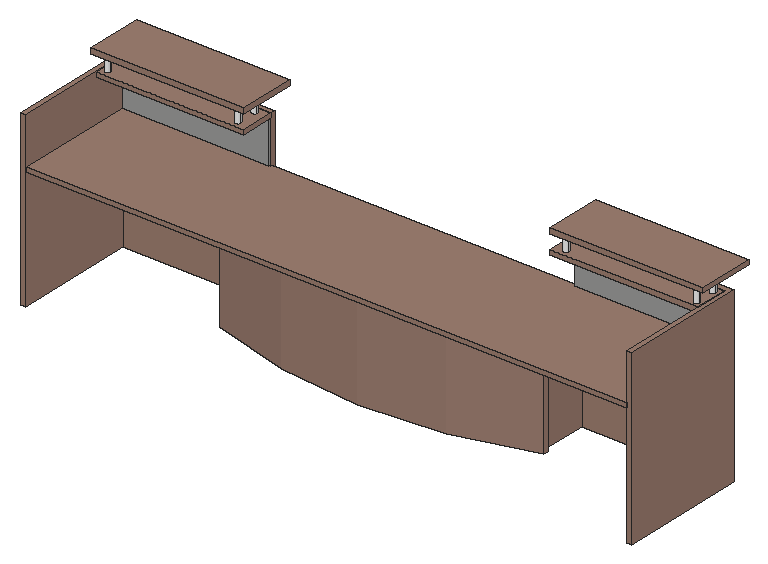
Revit family "T100258", category Furniture, Revit 2015
Parameters (values of type "T100258")
  URL = "https://ofs.com/"
  Model = "T100258"
  Manufacturer = "OFS"
  Description = "OFS TYPICAL T100258"
  Copyright © = "©OFS 2021"
  Catalog = "https://ofs.com/2020-experience"
  Authoring Version = "Autodesk Revit Architecture 2015"
  Assembly Code = "E2020400"
Reference planes (in)
  plane 1 "Center Front/Back": y = 0
  plane 2: z = 0
  plane 3 "Center Left/Right": x = 0
Dimensions and locks (in)
  aligned and locked: level to plane 2
Nested families (in)
  nested 1: "OFS ELEMENT DOUBLE DESK OPEN CENTER 144in" at (-36, 3, 0), type "ELEMENT DOUBLE DESK OPEN CENTER 144in Width"
    with Desk Overlay Option yes
  nested 2: "OFS ELEMENT INTERIOR TACKBOARD FOR DESK WITH TRANSACTION SHELF" at (0, 14.65625, 0), type "ELEMENT INTERIOR TACKBOARD FT1141"
Definition of nested family "OFS ELEMENT DOUBLE DESK OPEN CENTER 144in"
  Parameters (values of type "ELEMENT DOUBLE DESK OPEN CENTER 144in Width")
    Worksurface Material = none
    Width = 12' - 0"
    Half Width = 6' - 0"
    URL = "http://www.ofsbrands.com/"
    Transaction Shelf Material = none
    Table Supp from Lateral = 0' - 2 5/8"
    Table Supp from Center = 0' - 11 1/8"
    Table Depth = 1' - 1 1/2"
    Return Worksurface Width = 1' - 10"
    Paper Organizer Material = none
    Paper Organizer Depth = 1' - 0 3/4"
    Paper Organizer Clearance = 0' - 4 5/8"
    Paper Organizer Board Thickness = 0' - 0 3/4"
    Model = "EL-T72DC"
    Manufacturer = "OFS"
    Lateral Board Thickness = 0' - 1 3/16"
    Height = 3' - 9"
    Standoffs Material = none
    Groomet Material = none
    Desk Overlay Thickness = 0' - 0 1/8"
    Desk Overlay Option [instance] = yes
    Desk Overlay Material = none
    Desk Overlay = 0' - 6 1/2"
    Description = "OFS BRANDS OFS ELEMENT DOUBLE DESK OPEN CENTER 144\" Width, 2 X 72\"W x 34.3125\"D OPEN DESK:"
    Desk Depth = 2' - 10 5/16"
    Depth = 6' - 10 5/16"
    Copyright © = "© 2018 OFS BRANDS"
    Catalog = "http://ofs.com/products/casegoods/reception/element"
    Bottom Board Offset = 0' - 0"
    Chassis Material = none
    Base Depth = 2' - 6"
    Back Board Thickness = 0' - 1 3/16"
    Authoring Version = "Autodesk Revit Architecture 2013"
    Assembly Code = "E2020200"
  Reference planes (in)
    plane 1 "Center Front/Back": y = 0
    plane 2: z = 0
    plane 3 "Center Left/Right": x = 0
    plane 4 "Back External": y = 17.15625
    plane 5 "Right External": x = 36
    plane 6 "Front External": y = -17.15625
    plane 7 "Left External": x = -36
    plane 8 "Seat Height": z = 29.5
    plane 9 "Height": z = 45
    plane 10: x = 34.8125
    plane 11: x = -34.8125
    plane 12: y = 12.84375
    plane 13: y = 11.65625
    plane 14: y = 3.65625
    plane 15: z = 40.5
    plane 16: z = 28.5
    plane 17: z = 43.875
    plane 18: z = 39.375
    plane 19: z = 0
    plane 20: x = 33.375
    plane 21: x = 2.625
    plane 22: x = 29.5
    plane 23: z = 6.5
    plane 24: z = 34
    plane 25: y = 12.96875
    plane 26: x = 6.5
    plane 27: x = -34.0625
    plane 28: x = -22.0625
    plane 29: z = 34.125
    plane 30: z = 39.75
    plane 31: z = 34.875
    plane 32: x = 22.0625
    plane 33: x = -33.375
    plane 34: x = -2.625
    plane 35: x = -29.5
    plane 36: x = -6.5
    plane 37: y = 0
    plane 38: x = 72
    plane 39: y = 17.15625
    plane 40: x = 36
    plane 41: y = -17.15625
    plane 42: x = 108
    plane 43: x = 37.1875
    plane 44: x = 106.8125
    plane 45: y = 12.84375
    plane 46: y = 11.65625
    plane 47: y = 3.65625
    plane 48: x = 38.625
    plane 49: x = 69.375
    plane 50: x = 42.5
    plane 51: y = 12.96875
    plane 52: x = 65.5
    plane 53: x = 106.0625
    plane 54: x = 94.0625
    plane 55: x = 49.9375
    plane 56: x = 105.375
    plane 57: x = 74.625
    plane 58: x = 101.5
    plane 59: x = 78.5
  Forms (in)
    Extrusion 1, solid, material <- "Chassis Material"
      sketch origin (0, 0, 0) x (-1, 0, 0) y (0, -1, 0)
        loop
          line (36, -12.84375) -> (36, 17.15625) -> (34.8125, 17.15625) -> (34.8125, -11.65625) -> (0, -11.65625) -> (0, -12.84375) -> (36, -12.84375)
      from 0 to 40.5
    Extrusion 2, solid, material <- "Transaction Shelf Material"
      sketch origin (0, 0, 6) x (-1, 0, 0) y (0, -1, 0)
        loop
          line (0, -17.15625) -> (36, -17.15625) -> (36, -3.65625) -> (0, -3.65625) -> (0, -17.15625)
      from 37.875 to 39
    Extrusion 3, solid, material <- "Standoffs Material"
      sketch origin (-44.5, 0, 0) x (-1, 0, 0) y (0, -1, 0)
        loop
          circle (-41.875, -10.04085) r 0.625
      from 40.5 to 43.875
    Extrusion 4, solid, material <- "Standoffs Material"
      sketch origin (-44.5, -4.75, 0) x (-1, 0, 0) y (0, -1, 0)
        loop
          circle (-41.875, -10.04085) r 0.625
      from 40.5 to 43.875
    Extrusion 5, solid, material <- "Standoffs Material"
      sketch origin (-66.75, 0, 0) x (-1, 0, 0) y (0, -1, 0)
        loop
          circle (-33.375, -10.04085) r 0.625
      from 40.5 to 43.875
    Extrusion 6, solid, material <- "Standoffs Material"
      sketch origin (-66.75, -4.75, 0) x (-1, 0, 0) y (0, -1, 0)
        loop
          circle (-33.375, -10.04085) r 0.625
      from 40.5 to 43.875
    Extrusion 7, solid, material <- "Chassis Material"
      sketch origin (18.5848, -3.95032, 0) x (-1, 0, 0) y (0, -1, 0)
        loop
          line (19.7723, -15.60657) -> (19.7723, -3.95032) -> (18.5848, -3.95032) -> (18.5848, -15.60657) -> (19.7723, -15.60657)
      from 0 to 28.5
    Extrusion 8, solid, material <- "Chassis Material"
      sketch origin (0, 0, 6) x (-1, 0, 0) y (0, -1, 0)
        loop
          line (0, -11.65625) -> (34.8125, -11.65625) -> (34.8125, -3.65625) -> (0, -3.65625) -> (0, -11.65625)
      from 33.375 to 34.5
    Extrusion 9, solid, material <- "Desk Overlay Material", visible <- "Desk Overlay Option"
      sketch origin (0, 0, 0) x (-1, 0, 0) y (0, 0, -1)
        loop
          line (29.5, -34) -> (29.5, -6.5) -> (6.5, -6.5) -> (6.5, -34) -> (29.5, -34)
      from -12.96875 to -12.84375
    Extrusion 10, solid, material <- "Worksurface Material"
      sketch origin (72, 0, 0) x (1, 0, 0) y (0, 1, 0)
        loop
          line (-106.8125, 11.65625) -> (-106.8125, -17.15625) -> (34.8125, -17.15625) -> (34.8125, 11.65625) -> (-106.8125, 11.65625)
      from 28.5 to 29.5
    Extrusion 11, solid, material <- "Chassis Material"
      sketch origin (72, 0, 0) x (1, 0, 0) y (0, 1, 0)
        loop
          line (36, 12.84375) -> (0, 12.84375) -> (0, 11.65625) -> (34.8125, 11.65625) -> (34.8125, -17.15625) -> (36, -17.15625) -> (36, 12.84375)
      from 0 to 40.5
    Extrusion 12, solid, material <- "Transaction Shelf Material"
      sketch origin (72, 0, 6) x (1, 0, 0) y (0, 1, 0)
        loop
          line (0, 17.15625) -> (0, 3.65625) -> (36, 3.65625) -> (36, 17.15625) -> (0, 17.15625)
      from 37.875 to 39
    Extrusion 13, solid, material <- "Standoffs Material"
      sketch origin (116.5, 0, 0) x (1, 0, 0) y (0, 1, 0)
        loop
          circle (-41.875, 10.04085) r 0.625
      from 40.5 to 43.875
    Extrusion 14, solid, material <- "Standoffs Material"
      sketch origin (116.5, -4.75, 0) x (1, 0, 0) y (0, 1, 0)
        loop
          circle (-41.875, 10.04085) r 0.625
      from 40.5 to 43.875
    Extrusion 15, solid, material <- "Standoffs Material"
      sketch origin (138.75, 0, 0) x (1, 0, 0) y (0, 1, 0)
        loop
          circle (-33.375, 10.04085) r 0.625
      from 40.5 to 43.875
    Extrusion 16, solid, material <- "Standoffs Material"
      sketch origin (138.75, -4.75, 0) x (1, 0, 0) y (0, 1, 0)
        loop
          circle (-33.375, 10.04085) r 0.625
      from 40.5 to 43.875
    Extrusion 17, solid, material <- "Chassis Material"
      sketch origin (53.4152, -3.95032, 0) x (1, 0, 0) y (0, 1, 0)
        loop
          line (19.7723, 15.60657) -> (18.5848, 15.60657) -> (18.5848, 3.95032) -> (19.7723, 3.95032) -> (19.7723, 15.60657)
      from 0 to 28.5
    Extrusion 18, solid, material <- "Chassis Material"
      sketch origin (72, 0, 6) x (1, 0, 0) y (0, 1, 0)
        loop
          line (0, 11.65625) -> (0, 3.65625) -> (34.8125, 3.65625) -> (34.8125, 11.65625) -> (0, 11.65625)
      from 33.375 to 34.5
    Extrusion 19, solid, material <- "Desk Overlay Material", visible <- "Desk Overlay Option"
      sketch origin (72, 0, 0) x (1, 0, 0) y (0, 0, 1)
        loop
          line (29.5, 34) -> (6.5, 34) -> (6.5, 6.5) -> (29.5, 6.5) -> (29.5, 34)
      from -12.96875 to -12.84375
    Extrusion 20, solid, material <- "Chassis Material"
      sketch origin (42.58153, -5.98444, 0) x (-1, 0, 0) y (0, -1, 0)
        loop
          arc (44.76903, -5.24195) -> (6.58152, 1.67647) -> (-31.60598, -5.24195) r 108.85073
          line (-31.60598, -5.24195) -> (-31.60598, -6.51103)
          arc (-31.60598, -6.51103) -> (6.58153, 0.48897) -> (44.76903, -6.51103) r 107.66323
          line (44.76903, -6.51103) -> (44.76903, -5.24195)
      from 0 to 28.5
  Dimensions and locks (in)
    equal spacing: plane 7 "Left External", plane 3 "Center Left/Right", plane 5 "Right External"
    "Half Width": plane 7 "Left External" to plane 5 "Right External"
    equal spacing: plane 6 "Front External", plane 1 "Center Front/Back", plane 4 "Back External"
    "Desk Depth": plane 4 "Back External" to plane 6 "Front External"
    plane 8 "Seat Height" to level = 2' - 5 1/2"
    "Height": plane 9 "Height" to level
    "Lateral Board Thickness": plane 7 "Left External" to plane 11
    "Lateral Board Thickness": plane 10 to plane 5 "Right External"
    "Base Depth": plane 12 to plane 6 "Front External"
    "Back Board Thickness": plane 12 to plane 13
    "Table Depth": plane 4 "Back External" to plane 14
    plane 15 to level = 3' - 4 1/2"
    "Bottom Board Offset": plane 19 to level
    "Table Supp from Lateral": plane 5 "Right External" to plane 20
    "Table Supp from Lateral": plane 21 to plane 3 "Center Left/Right"
    "Desk Overlay": plane 5 "Right External" to plane 22
    "Desk Overlay": plane 24 to plane 15
    "Desk Overlay": plane 19 to plane 23
    "Desk Overlay Thickness": plane 25 to plane 12
    "Desk Overlay": plane 26 to plane 3 "Center Left/Right"
    "Paper Organizer Board Thickness": plane 11 to plane 27
    "Paper Organizer Clearance": plane 29 to plane 8 "Seat Height"
    "Paper Organizer Board Thickness": plane 15 to plane 30
    "Paper Organizer Board Thickness": plane 31 to plane 29
    "Table Supp from Lateral": plane 34 to plane 3 "Center Left/Right"
    "Table Supp from Lateral": plane 7 "Left External" to plane 33
    locked: plane 7 "Left External" to plane 35 at 6.5
    equal spacing: plane 42, plane 38, plane 40
    "Half Width": plane 42 to plane 40
    equal spacing: plane 41, plane 37, plane 39
    "Desk Depth": plane 39 to plane 41
    "Lateral Board Thickness": plane 42 to plane 44
    "Lateral Board Thickness": plane 43 to plane 40
    "Base Depth": plane 45 to plane 41
    "Back Board Thickness": plane 45 to plane 46
    "Table Depth": plane 39 to plane 47
    "Table Supp from Lateral": plane 40 to plane 48
    "Table Supp from Lateral": plane 49 to plane 38
    "Paper Organizer Board Thickness": plane 44 to plane 53
    "Table Supp from Lateral": plane 57 to plane 38
    "Table Supp from Lateral": plane 42 to plane 56
    locked: plane 42 to plane 58 at 6.5
    "Width": plane 7 "Left External" to plane 42
    aligned and locked: level to plane 2
    aligned and locked: plane 36 to Extrusion 9
    aligned and locked: plane 35 to Extrusion 9
    aligned and locked: Extrusion 19 to plane 59
    aligned and locked: Extrusion 19 to plane 58
  Automatic sketch dimensions
    Extrusion 1 sketch curve to plane 3 "Center Left/Right" = 0' - 0"
    Extrusion 1 sketch curve to plane 6 "Front External" = 0' - 0"
    Extrusion 1 sketch curve to plane 11 = 0' - 0"
    Extrusion 1 sketch curve to plane 7 "Left External" = 0' - 0"
    Extrusion 1 sketch curve to plane 13 = 0' - 0"
    Extrusion 1 sketch curve to plane 12 = 0' - 0"
    Extrusion 2 sketch curve to plane 3 "Center Left/Right" = 0' - 0"
    Extrusion 2 sketch curve to plane 7 "Left External" = 0' - 0"
    Extrusion 2 sketch curve to plane 4 "Back External" = 0' - 0"
    Extrusion 2 sketch curve to plane 14 = 0' - 0"
    Extrusion 3 sketch curve to plane 34 = 0' - 0"
    plane 13 to Extrusion 3 sketch curve = 0' - 1.6154"
    Extrusion 4 sketch curve to plane 34 = 0' - 0"
    Extrusion 4 sketch curve to plane 14 = 0' - 1.6346"
    Extrusion 5 sketch curve to plane 33 = 0' - 0"
    plane 13 to Extrusion 5 sketch curve = 0' - 1.6154"
    Extrusion 6 sketch curve to plane 33 = 0' - 0"
    Extrusion 6 sketch curve to plane 14 = 0' - 1.6346"
    Extrusion 7 sketch curve to plane 3 "Center Left/Right" = 0' - 0"
    plane 1 "Center Front/Back" to Extrusion 7 sketch curve = 0' - 0"
    Extrusion 7 sketch curve to plane 13 = 0' - 0"
    Extrusion 7 sketch curve to Extrusion 7 sketch curve = 0' - 1 3/16"
    Extrusion 8 sketch curve to plane 3 "Center Left/Right" = 0' - 0"
    Extrusion 8 sketch curve to plane 11 = 0' - 0"
    Extrusion 8 sketch curve to plane 13 = 0' - 0"
    Extrusion 8 sketch curve to plane 14 = 0' - 0"
    Extrusion 9 sketch curve to plane 24 = 0' - 0"
    plane 36 to Extrusion 9 sketch curve = 0' - 0"
    Extrusion 9 sketch curve to plane 23 = 0' - 0"
    plane 35 to Extrusion 9 sketch curve = 0' - 0"
    plane 6 "Front External" to Extrusion 10 sketch curve = 0' - 0"
    Extrusion 10 sketch curve to plane 44 = 0' - 0"
    Extrusion 10 sketch curve to plane 13 = 0' - 0"
    plane 12 to Extrusion 11 sketch curve = 0' - 0"
    Extrusion 11 sketch curve to plane 38 = 0' - 0"
    Extrusion 11 sketch curve to plane 42 = 0' - 0"
    plane 13 to Extrusion 11 sketch curve = 0' - 0"
    plane 14 to Extrusion 12 sketch curve = 0' - 0"
    Extrusion 12 sketch curve to plane 38 = 0' - 0"
    Extrusion 12 sketch curve to plane 42 = 0' - 0"
    plane 4 "Back External" to Extrusion 12 sketch curve = 0' - 0"
    Extrusion 13 sketch curve to plane 57 = 0' - 0"
    Extrusion 13 sketch curve to plane 13 = 0' - 1.6154"
    Extrusion 14 sketch curve to plane 57 = 0' - 0"
    plane 14 to Extrusion 14 sketch curve = 0' - 1.6346"
    Extrusion 15 sketch curve to plane 56 = 0' - 0"
    Extrusion 15 sketch curve to plane 13 = 0' - 1.6154"
    Extrusion 16 sketch curve to plane 56 = 0' - 0"
    plane 14 to Extrusion 16 sketch curve = 0' - 1.6346"
    plane 13 to Extrusion 17 sketch curve = 0' - 0"
    Extrusion 17 sketch curve to plane 38 = 0' - 0"
    plane 1 "Center Front/Back" to Extrusion 17 sketch curve = 0' - 0"
    Extrusion 17 sketch curve to Extrusion 17 sketch curve = 0' - 1 3/16"
    plane 14 to Extrusion 18 sketch curve = 0' - 0"
    Extrusion 18 sketch curve to plane 38 = 0' - 0"
    Extrusion 18 sketch curve to plane 44 = 0' - 0"
    plane 13 to Extrusion 18 sketch curve = 0' - 0"
    Extrusion 19 sketch curve to plane 24 = 0' - 0"
    Extrusion 19 sketch curve to plane 59 = 0' - 0"
    Extrusion 19 sketch curve to plane 23 = 0' - 0"
    plane 58 to Extrusion 19 sketch curve = 0' - 0"
    Extrusion 20 sketch curve to plane 34 = 0' - 0 7/16"
    Extrusion 20 sketch curve to plane 1 "Center Front/Back" = 0' - 0.7425"
    Extrusion 20 sketch curve to plane 57 = 0' - 0 7/16"
    Extrusion 20 sketch curve to plane 5 "Right External" = 0' - 0"  (x2)
    plane 1 "Center Front/Back" to Extrusion 20 sketch curve = 0' - 0.52658"
    Extrusion 20 sketch curve to plane 4 "Back External" = 7' - 0.03356"
    Extrusion 20 sketch curve to Extrusion 20 sketch curve = 0' - 0"
    plane 6 "Front External" to Extrusion 11 sketch curve = 0' - 0"
    Extrusion 11 sketch curve to plane 44 = 0' - 0"
    plane 7 "Left External" to Extrusion 10 sketch curve = 0' - 1 3/16"
    radius of Extrusion 3 sketch curve = 0' - 0 5/8"
    radius of Extrusion 4 sketch curve = 0' - 0 5/8"
    radius of Extrusion 5 sketch curve = 0' - 0 5/8"
    radius of Extrusion 6 sketch curve = 0' - 0 5/8"
    radius of Extrusion 13 sketch curve = 0' - 0 5/8"
    radius of Extrusion 14 sketch curve = 0' - 0 5/8"
    radius of Extrusion 15 sketch curve = 0' - 0 5/8"
    radius of Extrusion 16 sketch curve = 0' - 0 5/8"
Definition of nested family "OFS ELEMENT INTERIOR TACKBOARD FOR DESK WITH TRANSACTION SHELF"
  Parameters (values of type "ELEMENT INTERIOR TACKBOARD FT1142")
    Width 2 = 3' - 10 11/16"
    Width = 13' - 9 15/32"
    URL = "http://ofsbrands.com"
    3 Piece = no
    Depth = 0' - 0 1/2"
    Tackboard Material = none
    Model = "FT1142"
    Manufacturer = "OFS"
    Height = 0' - 9 11/16"
    Description = "OFS BRANDS OFS ELEMENT INTERIOR TACKBOARD FT1142 - Two 46.6875\"W Pieces - Use with EL-T84DC"
    Copyright © = "© OFS BRANDS 2018"
    Catalog = "http://ofs.com/products/casegoods/reception/element"
    Bottom Board Offset = 2' - 5 1/2"
    Authoring Version = "Autodesk Revit Architecture 2013"
    Assembly Code = "E2020200"
    2 Piece = yes
    1 Piece = no
  Types (11): name | Width 2 | Width | 3 Piece | Model | Description | 2 Piece | 1 Piece
    (no name) | 3' - 10 11/16" | 13' - 9 15/32" | no | "FT1142" | "OFS BRANDS OFS ELEMENT INTERIOR TACKBOARD FT1142 - Two 46.6875\"W Pieces - Use with EL-T84DC" | yes | no
    ELEMENT INTERIOR TACKBOARD FT1145 | 0' - 1" | 2' - 10 11/16" | no | "FT1145" | "OFS BRANDS OFS ELEMENT INTERIOR TACKBOARD FT1145 - Use with EL-T72LL48C, EL-T72RL48C, EL-T72LL60C and EL-T72RL60C" | no | yes
    ELEMENT INTERIOR TACKBOARD FT1141 | 2' - 10 11/16" | 11' - 9 7/16" | no | "FT1141" | "OFS BRANDS OFS ELEMENT INTERIOR TACKBOARD FT1141 - Two 34.6875\"W Pieces - Use with EL-T72DC" | yes | no
    ELEMENT INTERIOR TACKBOARD FT1143 | 0' - 1" | 5' - 9 1/2" | no | "FT1143" | "OFS BRANDS OFS ELEMENT INTERIOR TACKBOARD FT1143 - Use with EL-T72S, EL-T72LL48, EL-T72RL48, EL-T72LL60, EL-T72RL60, EL-T72LU48, EL-T72RU48, EL-T72LU60, and EL-T72RU60" | no | yes
    ELEMENT INTERIOR TACKBOARD FT1137 | 5' - 10 11/16" | 11' - 9 3/8" | no | "FT1137" | "OFS BRANDS OFS ELEMENT INTERIOR TACKBOARD FT1137 - Two 70.6875\"W Pieces - Use with EL-T72D, EL-T72D48 and EL-T72D60" | yes | no
    ELEMENT INTERIOR TACKBOARD FT1139 | 5' - 10 11/16" | 17' - 9 1/4" | yes | "FT1139" | "OFS BRANDS OFS ELEMENT INTERIOR TACKBOARD FT1139 - Two 70.6875\"W Pieces and One 71.875\"W Piece - Use with EL-T72T, EL-T72T48 and EL-T72T60" | yes | no
    ELEMENT INTERIOR TACKBOARD FT1146 | 0' - 1" | 3' - 10 11/16" | no | "FT1146" | "OFS BRANDS OFS ELEMENT INTERIOR TACKBOARD FT1146 - Use with EL-T84LL48C, EL-T84RL48C, EL-T84LL60C and EL-T84RL60C" | no | yes
    ELEMENT INTERIOR TACKBOARD FT1142 | 3' - 10 11/16" | 13' - 9 15/32" | no | "FT1142" | "OFS BRANDS OFS ELEMENT INTERIOR TACKBOARD FT1142 - Two 46.6875\"W Pieces - Use with EL-T84DC" | yes | no
    ELEMENT INTERIOR TACKBOARD FT1144 | 0' - 1" | 6' - 9 1/2" | no | "FT1144" | "OFS BRANDS OFS ELEMENT INTERIOR TACKBOARD FT1144 - Use with EL-T84S, EL-T84LL48, EL-T84RL48, EL-T84LL60, EL-T84RL60, EL-T84LU48, EL-T84RU48, EL-T84LU60 and EL-T84RU60" | no | yes
    ELEMENT INTERIOR TACKBOARD FT1138 | 6' - 10 11/16" | 13' - 9 3/8" | no | "FT1138" | "OFS BRANDS OFS ELEMENT INTERIOR TACKBOARD FT1138 - Two 82.6875\"W Pieces - Use with EL-T84D, EL-T84D48 and EL-T84D60" | yes | no
    ELEMENT INTERIOR TACKBOARD FT1140 | 6' - 10 11/16" | 20' - 9 1/4" | yes | "FT1140" | "OFS BRANDS OFS ELEMENT INTERIOR TACKBOARD FT1140 - Two 82.6875\"W Pieces and One 83.875\"W Piece - Use with EL-T84T, EL-T84T48 and EL-T84T60" | yes | no
  Reference planes (in)
    plane 1 "Center Front/Back": y = 0
    plane 2: z = 0
    plane 3 "Center Left/Right": x = 0
    plane 4 "Left End": x = -82.73437
    plane 5 "Front End": y = -0.5
    plane 6 "Right End": x = 82.73438
    plane 7 "Height Top": z = 39.1875
    plane 8: z = 29.5
    plane 9: x = -36.04687
    plane 10: x = 36.04688
    plane 11: x = -35.98437
    plane 12: x = 35.98438
  Forms (in)
    Extrusion 1, solid, material <- "Tackboard Material", visible <- "1 Piece"
      sketch origin (0, 0, 0) x (1, 0, 0) y (0, 0, 1)
        loop
          line (-82.73437, 39.1875) -> (-82.73437, 29.5) -> (82.73438, 29.5) -> (82.73438, 39.1875) -> (-82.73437, 39.1875)
      from 0 to 0.5
    Extrusion 2, solid, material <- "Tackboard Material", visible <- "2 Piece"
      sketch origin (21.01601, -10.58254, 0) x (1, 0, 0) y (0, 0, 1)
        loop
          line (-103.75039, 39.1875) -> (-103.75039, 29.5) -> (-57.06289, 29.5) -> (-57.06289, 39.1875) -> (-103.75039, 39.1875)
      from -10.58254 to -10.08254
    Extrusion 3, solid, material <- "Tackboard Material", visible <- "2 Piece"
      sketch origin (24.64124, -12.27301, 0) x (1, 0, 0) y (0, 0, 1)
        loop
          line (11.40563, 39.1875) -> (11.40563, 29.5) -> (58.09313, 29.5) -> (58.09313, 39.1875) -> (11.40563, 39.1875)
      from -12.27301 to -11.77301
    Extrusion 4, solid, material <- "Tackboard Material", visible <- "3 Piece"
      sketch origin (31.88948, -14.32657, 0) x (1, 0, 0) y (0, 0, 1)
        loop
          line (-67.87385, 39.1875) -> (-67.87385, 29.5) -> (4.0949, 29.5) -> (4.0949, 39.1875) -> (-67.87385, 39.1875)
      from -14.32657 to -13.82657
  Dimensions and locks (in)
    "Height": plane 7 "Height Top" to plane 8
    "Bottom Board Offset": plane 8 to level
    "Depth": plane 5 "Front End" to plane 1 "Center Front/Back"
    equal spacing: plane 4 "Left End", plane 3 "Center Left/Right", plane 6 "Right End"
    "Width": plane 4 "Left End" to plane 6 "Right End"
    "Width 2": plane 4 "Left End" to plane 9
    "Width 2": plane 10 to plane 6 "Right End"
    locked: plane 9 to plane 11 at 0.0625
    locked: plane 10 to plane 12 at 0.0625
    aligned and locked: level to plane 2
    aligned and locked: Extrusion 1 sketch curve to plane 7 "Height Top"
    aligned and locked: plane 4 "Left End" to Extrusion 1 sketch curve
    aligned and locked: Extrusion 1 sketch curve to plane 8
    aligned and locked: plane 6 "Right End" to Extrusion 1 sketch curve
    aligned and locked: Extrusion 1 to plane 5 "Front End"
    aligned and locked: Extrusion 1 to plane 1 "Center Front/Back"
    aligned and locked: Extrusion 2 to plane 1 "Center Front/Back"
    aligned and locked: Extrusion 2 to plane 4 "Left End"
    aligned and locked: Extrusion 2 to plane 5 "Front End"
    aligned and locked: plane 9 to Extrusion 2
    aligned and locked: Extrusion 3 to plane 1 "Center Front/Back"
    aligned and locked: plane 5 "Front End" to Extrusion 3
    aligned and locked: Extrusion 3 to plane 10
    aligned and locked: Extrusion 3 to plane 6 "Right End"
    aligned and locked: Extrusion 4 to plane 11
    aligned and locked: Extrusion 4 to plane 12
    aligned and locked: Extrusion 4 to plane 1 "Center Front/Back"
    aligned and locked: Extrusion 4 to plane 5 "Front End"
  Automatic sketch dimensions
    Extrusion 2 sketch curve to plane 4 "Left End" = 0' - 0"
    Extrusion 2 sketch curve to plane 8 = 0' - 0"
    Extrusion 2 sketch curve to plane 9 = 0' - 0"
    Extrusion 2 sketch curve to plane 7 "Height Top" = 0' - 0"
    Extrusion 3 sketch curve to plane 8 = 0' - 0"
    Extrusion 3 sketch curve to plane 10 = 0' - 0"
    plane 6 "Right End" to Extrusion 3 sketch curve = 0' - 0"
    Extrusion 3 sketch curve to plane 7 "Height Top" = 0' - 0"
    Extrusion 4 sketch curve to plane 8 = 0' - 0"
    Extrusion 4 sketch curve to plane 7 "Height Top" = 0' - 0"
    plane 11 to Extrusion 4 sketch curve = 0' - 0"
    plane 3 "Center Left/Right" to Extrusion 4 sketch curve = 2' - 11 63/64"
